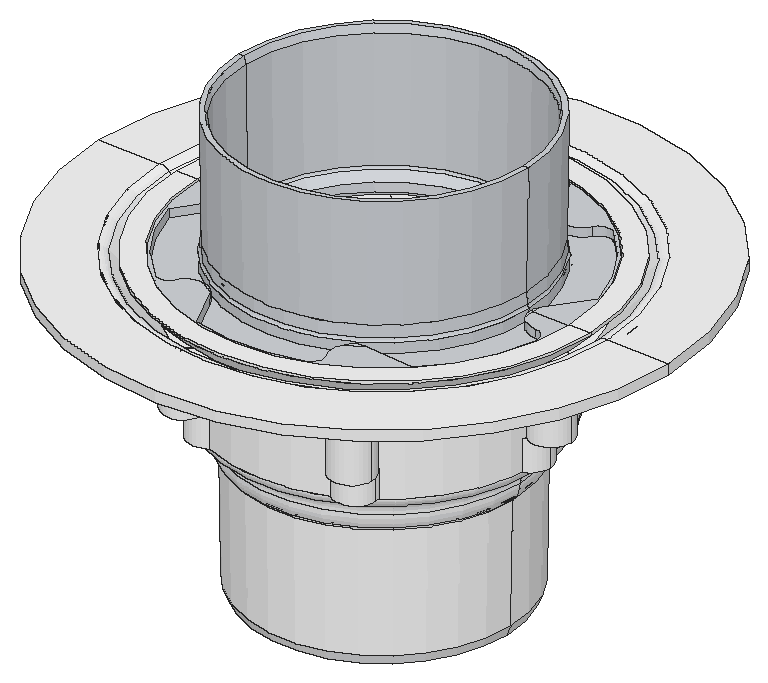
Revit family "3000.123 & 124 DPJ 100x100", category Plumbing Fixtures, Revit 2019
Family settings
  Round Connector Dimension = Use Diameter
  Part Type = Normal
  OmniClass Number = 23.45.00.00
  Work Plane-Based = No
  Always vertical = Yes
  Cut with Voids When Loaded = No
  Shared = No
  Room Calculation Point = No
Parameters (values of type "DPJ 100x100v")
  Waste Connection = yes
  Vent Connection = no
  V = not(NV)  # yes
  URL = "www.aquaknight.co.nz"
  Phone = "+6498322214"  # constant formula
  NV = no
  Model = "3000.123"
  Manufacturer = "Aquanight Industries Ltd"  # constant formula
  Inlet = 25.5 mm
  HW Connection = no
  Email = "info@aquaknight.co.nz"  # constant formula
  Description = "DownPipe Junction 100x100 vented"
  CW Connection = no
Types (2, lengths in mm): name | V | NV | Model | Inlet | Description
  DPJ 100x100v | yes | no | "3000.123" | 25.5 | "DownPipe Junction 100x100 vented"
  DPJ 100x100nv | no | yes | "3000.124" | 28 | "DownPipe Junction 100x100 not vented"
Reference planes
  plane 1 "Center (Front/Back)": y = 0
  plane 2: z = 0
  plane 3 "Center (Left/Right)": x = 0
  plane 4: z = -95
  plane 5: z = 25.5
Forms (mm)
  Revolve 1, solid, material "Plastic, Glossy White"
    sketch origin (0, 0, -4) x (1, 0, 0) y (0, 0, 1)
      loop
        line (72.739, -12.5) -> (58.75, -12.5) -> (58.418, -50.494)
        arc (58.418, -50.494) -> (53.232, -54.057) -> (51.2, -60.012) r 10
        arc (51.2, -60.012) -> (50.504, -63.207) -> (48.588, -65.857) r 8
        line (48.588, -65.857) -> (47.921, -116.857) -> (49.9, -116.857) -> (51.4, -113.357) -> (52, -67.477)
        arc (52, -67.477) -> (52.488, -66.33) -> (53.642, -65.857) r 1.642
        arc (53.642, -65.857) -> (54.791, -63.051) -> (55.2, -60.047) r 12
        arc (55.2, -60.047) -> (56.482, -56.392) -> (59.73, -54.282) r 6
        arc (59.73, -54.282) -> (61.906, -52.862) -> (62.75, -50.404) r 4
        line (62.75, -50.404) -> (62.75, -19.5) -> (74.07, -19.5)
        arc (74.07, -19.5) -> (76.898, -18.328) -> (78.07, -15.5) r 4
        line (78.07, -15.5) -> (78.07, -13.633)
        arc (78.07, -13.633) -> (78.244, -12.717) -> (78.742, -11.928) r 2.5
        line (78.742, -11.928) -> (89.123, -0.795)
        arc (89.123, -0.795) -> (89.955, -0.207) -> (90.951, 0) r 2.5
        line (90.951, 0) -> (115, 0) -> (115, 4) -> (90.299, 4)
        arc (90.299, 4) -> (88.306, 3.585) -> (86.643, 2.41) r 5
        line (86.643, 2.41) -> (72.739, -12.5)
      loop
        line (59.25, -5.1) -> (75.5, -5.1) -> (83.653, 3.053) -> (83.653, 4) -> (75.25, 4) -> (75.25, -0.6) -> (59.25, -0.6) -> (59.25, -5.1)
      axis (0, 4) -> (0, -116.857)
    angle from 0 to 360
  Extrusion 2, solid, material "Plastic, Glossy White", detail levels fine
    sketch origin (0, 0, -4) x (1, 0, 0) y (0, 1, 0)
      loop
        circle (67.55, 0) r 8.2
      loop
        circle (33.775, 58.5) r 8.2
      loop
        circle (33.775, -58.5) r 8.2
      loop
        circle (-67.55, 0) r 8.2
      loop
        circle (-33.775, 58.5) r 8.2
      loop
        circle (-33.775, -58.5) r 8.2
    from -38.379 to -12.5
  Extrusion 3, void
    sketch origin (0, -279.02, 0) x (1, 0, 0) y (0, 1, 0)
      loop
        arc (16.67, 350.808) -> (-3.503, 352.634) -> (-23.411, 348.9) r 73.698
        arc (-23.411, 348.9) -> (-27.061, 346.032) -> (-26.778, 341.398) r 5
        arc (-26.778, 341.398) -> (-26.803, 333.081) -> (-34.202, 329.281) r 8
        line (-34.202, 329.281) -> (-52.626, 330.613)
        arc (-52.626, 330.613) -> (-65.445, 312.906) -> (-72.506, 292.218) r 73.698
        arc (-72.506, 292.218) -> (-71.081, 288.518) -> (-67.41, 287.018) r 5
        arc (-67.41, 287.018) -> (-60.22, 282.838) -> (-60.628, 274.531) r 8
        line (-60.628, 274.531) -> (-70.994, 259.241)
        arc (-70.994, 259.241) -> (-62.069, 239.286) -> (-47.683, 222.827) r 73.698
        arc (-47.683, 222.827) -> (-43.766, 222.211) -> (-40.632, 224.64) r 5
        arc (-40.632, 224.64) -> (-33.417, 228.777) -> (-26.426, 224.27) r 8
        line (-26.426, 224.27) -> (-18.367, 207.648)
        arc (-18.367, 207.648) -> (3.376, 205.4) -> (24.823, 209.629) r 73.698
        arc (24.823, 209.629) -> (27.315, 212.713) -> (26.778, 216.642) r 5
        arc (26.778, 216.642) -> (26.803, 224.959) -> (34.202, 228.759) r 8
        line (34.202, 228.759) -> (52.626, 227.427)
        arc (52.626, 227.427) -> (65.27, 244.797) -> (72.366, 265.076) r 73.698
        arc (72.366, 265.076) -> (71.287, 269.236) -> (67.377, 271.021) r 5
        arc (67.377, 271.021) -> (60.212, 275.216) -> (60.628, 283.509) r 8
        line (60.628, 283.509) -> (70.994, 298.8)
        arc (70.994, 298.8) -> (62.273, 318.434) -> (48.259, 334.719) r 73.698
        arc (48.259, 334.719) -> (44.117, 335.864) -> (40.616, 333.371) r 5
        arc (40.616, 333.371) -> (33.4, 329.263) -> (26.426, 333.77) r 8
        line (26.426, 333.77) -> (19.37, 348.324)
        arc (19.37, 348.324) -> (18.256, 349.822) -> (16.67, 350.808) r 5
      loop
        circle (0, 279.02) r 58.555
    from -4 to 20.59
  Revolve 4, solid, visible <- "V"
    sketch origin (0, 0, 0) x (1, 0, 0) y (0, 0, 1)
      loop
        line (55.734, 47.895) -> (55.115, 0.577)
        arc (55.115, 0.577) -> (54.981, -0.061) -> (54.618, -0.601) r 1.698
        line (54.618, -0.601) -> (51.583, -3.636) -> (51.284, -7.06) -> (51.37, -8.048) -> (52.796, -8.048) -> (55.568, -4.6) -> (74.75, -4.6) -> (74.75, -0.629) -> (60.008, -0.629)
        arc (60.008, -0.629) -> (58.597, -0.059) -> (57.978, 1.332) r 2.031
        line (57.978, 1.332) -> (57.784, 5.895) -> (58.374, 50.895) -> (56.58, 50.895) -> (55.734, 47.895)
      axis (0, 50.895) -> (0, -8.048)
    angle from 0 to 360
  Revolve 5, solid, material "Stainless Steel", visible <- "NV"
    sketch origin (0, 0, 0) x (1, 0, 0) y (0, 0, 1)
      loop
        line (-58.555, 55.547) -> (-57.963, 10.395) -> (-58.157, 5.83)
        arc (-58.157, 5.83) -> (-58.767, 4.461) -> (-60.156, 3.9) r 2
        line (-60.156, 3.9) -> (-83.625, 3.9) -> (-83.625, 0) -> (-55.6, 0) -> (-52.733, -3.54) -> (-51.762, -3.54) -> (-51.762, 1.112) -> (-55.288, 4.638) -> (-55.913, 52.395) -> (-56.802, 55.547) -> (-58.555, 55.547)
      axis (0, 55.547) -> (0, -3.54)
    angle from 0 to 360
  Extrusion 6, solid, material "Plastic, Glossy White"
    sketch origin (0, 0, 0) x (1, 0, 0) y (0, 1, 0)
      loop
        circle (-59.076, 0) r 8.2
      loop
        circle (59.076, 0) r 8.2
      loop
        circle (-29.538, 51.161) r 8.2
      loop
        circle (29.538, -51.161) r 8.2
      loop
        circle (29.538, 51.161) r 8.2
      loop
        circle (-29.538, -51.161) r 8.2
    from -54.494 to -42.379
Cuts and joins
  Extrusion 3 cuts Revolve 4
Lines and regions (mm)
  Masking region 1
    outline origin (0, 0, 0) x (1, 0, 0) y (0, 1, 0)
      loop
        circle (0, 0) r 115
  symbolic lines, style "PlumbingFixtures", detail levels fine
    curve 1: circle (53.5, 92.665, 0) r 4.5 normal (0, 0, 1)
    curve 2: circle (107, 0, 0) r 4.5 normal (0, 0, -1)
    curve 3: circle (53.5, -92.665, 0) r 4.5 normal (0, 0, -1)
    curve 4: circle (-53.5, 92.665, 0) r 4.5 normal (0, 0, -1)
    curve 5: circle (-107, 0, 0) r 4.5 normal (0, 0, 1)
    curve 6: circle (-53.5, -92.665, 0) r 4.5 normal (0, 0, 1)
  symbolic lines
    curve 7: circle (0, 0, 0) r 50 normal (0, 0, 1)
    curve 10: circle (0, 0, 0) r 83.625 normal (0, 0, 1)
  symbolic lines, visible <- "V"
    curve 8: circle (0, 0, 0) r 59.25 normal (0, 0, 1)
    curve 9: circle (0, 0, 0) r 73.698 normal (0, 0, 1)
Dimensions and locks
  locked: level to plane 4 at 95
  locked: connector elem to plane 1 "Center (Front/Back)" at 0
  locked: connector elem to plane 3 "Center (Left/Right)" at 0
  "Inlet": plane 5 to level
  locked: level to Revolve 5 at 55.547
  locked: cut or joined group of Extrusion 3, Revolve 4 to level at 50.895
  Revolve 5 to level = 3.9 mm
  locked: connector elem to plane 1 "Center (Front/Back)"
  aligned and locked: level to plane 2
  aligned and locked: Revolve 4 sketch curve to plane 3 "Center (Left/Right)"
  aligned and locked: Revolve 5 sketch curve to plane 3 "Center (Left/Right)"
Automatic sketch dimensions
  Revolve 1 sketch curve to Revolve 1 sketch curve = 0 mm  (x7)
  Revolve 1 sketch curve to plane 3 "Center (Left/Right)" = 0 mm
  Revolve 1 sketch curve to level = 0 mm  (x2)
  plane 3 "Center (Left/Right)" to Revolve 1 sketch curve = 43.2 mm
  plane 3 "Center (Left/Right)" to Revolve 1 sketch curve = 47.921 mm
  plane 4 to Revolve 1 sketch curve = 25.143 mm
  Revolve 1 sketch curve to Revolve 1 sketch curve = 5.387 mm
  Revolve 1 sketch curve to Revolve 1 sketch curve = 1.979 mm
  Revolve 1 sketch curve to plane 4 = 22.357 mm
  Revolve 1 sketch curve to Revolve 1 sketch curve = 1.5 mm  (x2)
  plane 4 to Revolve 1 sketch curve = 23.523 mm
  Revolve 1 sketch curve to Revolve 1 sketch curve = 3.412 mm
  Revolve 1 sketch curve to Revolve 1 sketch curve = 1.642 mm
  Revolve 1 sketch curve to Revolve 1 sketch curve = 4.777 mm
  Revolve 1 sketch curve to Revolve 1 sketch curve = 0.332 mm
  Revolve 1 sketch curve to level = 16.5 mm
  Revolve 1 sketch curve to level = 4.6 mm
  Revolve 1 sketch curve to Revolve 1 sketch curve = 0.5 mm
  Revolve 1 sketch curve to Revolve 1 sketch curve = 2.781 mm
  Revolve 1 sketch curve to Revolve 1 sketch curve = 4 mm  (x2)
  Revolve 1 sketch curve to Revolve 1 sketch curve = 9.989 mm
  Revolve 1 sketch curve to Revolve 1 sketch curve = 1.331 mm
  Revolve 1 sketch curve to Revolve 1 sketch curve = 2.511 mm
  Revolve 1 sketch curve to Revolve 1 sketch curve = 0.25 mm
  Revolve 1 sketch curve to level = 15.928 mm
  Revolve 1 sketch curve to Revolve 1 sketch curve = 0.672 mm
  Revolve 1 sketch curve to Revolve 1 sketch curve = 1.828 mm
  Revolve 1 sketch curve to level = 0.947 mm
  Revolve 1 sketch curve to Revolve 1 sketch curve = 8.403 mm
  Revolve 1 sketch curve to level = 1.59 mm
  Revolve 1 sketch curve to Revolve 1 sketch curve = 2.99 mm
  Revolve 1 sketch curve to level = 4.795 mm
  Revolve 1 sketch curve to Revolve 1 sketch curve = 2.481 mm
  Revolve 1 sketch curve to Revolve 1 sketch curve = 3.657 mm
  Revolve 1 sketch curve to Revolve 1 sketch curve = 0.652 mm
  Revolve 1 sketch curve to Revolve 1 sketch curve = 24.049 mm
  Revolve 1 sketch curve to Revolve 1 sketch curve = 3.5 mm
  Revolve 1 sketch curve to Revolve 1 sketch curve = 0.021 mm
  Revolve 1 sketch curve to Revolve 1 sketch curve = 5.757 mm
  Revolve 1 sketch curve to Revolve 1 sketch curve = 5.914 mm
  Revolve 1 sketch curve to Revolve 1 sketch curve = 9.605 mm
  Revolve 1 sketch curve to Revolve 1 sketch curve = 0.09 mm
  Revolve 1 sketch curve to Revolve 1 sketch curve = 7 mm
  Revolve 1 sketch curve to Revolve 1 sketch curve = 4.5 mm
  Revolve 1 sketch curve to Revolve 1 sketch curve = 336.074 mm
  level to Revolve 1 sketch curve = 2441.244 mm
  Revolve 4 sketch curve to level = 7.06 mm
  plane 3 "Center (Left/Right)" to Revolve 4 sketch curve = 51.284 mm
  Revolve 4 sketch curve to Revolve 4 sketch curve = 0.086 mm
  Revolve 4 sketch curve to level = 3.636 mm
  Revolve 4 sketch curve to Revolve 4 sketch curve = 0.3 mm
  Revolve 4 sketch curve to level = 8.048 mm
  Revolve 4 sketch curve to Revolve 4 sketch curve = 1.426 mm
  level to Revolve 4 sketch curve = 0.599 mm
  Revolve 4 sketch curve to Revolve 4 sketch curve = 1.834 mm
  Revolve 4 sketch curve to level = 0.601 mm
  Revolve 4 sketch curve to Revolve 4 sketch curve = 1.2 mm
  level to Revolve 4 sketch curve = 0.577 mm
  Revolve 4 sketch curve to Revolve 4 sketch curve = 3.985 mm
  plane 3 "Center (Left/Right)" to Revolve 4 sketch curve = 55.734 mm
  Revolve 4 sketch curve to Revolve 4 sketch curve = 0.846 mm
  level to Revolve 4 sketch curve = 1.332 mm
  Revolve 4 sketch curve to Revolve 4 sketch curve = 2.864 mm
  Revolve 4 sketch curve to Revolve 4 sketch curve = 1.793 mm
  Revolve 4 sketch curve to Revolve 4 sketch curve = 2.03 mm
  Revolve 4 sketch curve to level = 0.629 mm
  Revolve 4 sketch curve to Revolve 4 sketch curve = 14.742 mm
  Revolve 4 sketch curve to Revolve 4 sketch curve = 0.964 mm
  Revolve 4 sketch curve to Revolve 4 sketch curve = 46.564 mm
  Revolve 4 sketch curve to Revolve 4 sketch curve = 3 mm
  level to Revolve 4 sketch curve = 5.895 mm
  Revolve 4 sketch curve to Revolve 4 sketch curve = 0.194 mm
  level to Revolve 4 sketch curve = 5.9 mm
  Revolve 4 sketch curve to plane 4 = 357.931 mm
  Revolve 4 sketch curve to Revolve 4 sketch curve = 2394.348 mm
  Extrusion 3 sketch curve to Extrusion 3 sketch curve = 0 mm  (x17)
  Extrusion 3 sketch curve to plane 3 "Center (Left/Right)" = 70.994 mm
  Extrusion 3 sketch curve to plane 3 "Center (Left/Right)" = 67.51 mm
  Extrusion 3 sketch curve to plane 3 "Center (Left/Right)" = 67.25 mm
  Extrusion 3 sketch curve to plane 3 "Center (Left/Right)" = 60.628 mm
  Extrusion 3 sketch curve to plane 3 "Center (Left/Right)" = 52.626 mm
  Extrusion 3 sketch curve to plane 3 "Center (Left/Right)" = 45.011 mm
  Extrusion 3 sketch curve to Extrusion 3 sketch curve = 18.425 mm  (x2)
  Extrusion 3 sketch curve to Extrusion 3 sketch curve = 11.386 mm
  Extrusion 3 sketch curve to Extrusion 3 sketch curve = 0.577 mm  (x2)
  Extrusion 3 sketch curve to Extrusion 3 sketch curve = 7.199 mm  (x2)
  Extrusion 3 sketch curve to Extrusion 3 sketch curve = 11.126 mm  (x2)
  Extrusion 3 sketch curve to Extrusion 3 sketch curve = 8.059 mm
  Extrusion 3 sketch curve to Extrusion 3 sketch curve = 37.37 mm
  Extrusion 3 sketch curve to Extrusion 3 sketch curve = 4.499 mm
  Extrusion 3 sketch curve to Extrusion 3 sketch curve = 7.056 mm
  Extrusion 3 sketch curve to Extrusion 3 sketch curve = 11.36 mm
  Extrusion 3 sketch curve to Extrusion 3 sketch curve = 15.643 mm
  Extrusion 3 sketch curve to Extrusion 3 sketch curve = 6.622 mm
  Extrusion 3 sketch curve to Extrusion 3 sketch curve = 0.207 mm
  Extrusion 3 sketch curve to Extrusion 3 sketch curve = 10.366 mm
  plane 1 "Center (Front/Back)" to Extrusion 3 sketch curve = 71.372 mm
  Extrusion 3 sketch curve to Extrusion 3 sketch curve = 6.408 mm
  Extrusion 3 sketch curve to Extrusion 3 sketch curve = 6.724 mm  (x2)
  Extrusion 3 sketch curve to Extrusion 3 sketch curve = 13.132 mm
  Extrusion 3 sketch curve to Extrusion 3 sketch curve = 3.49 mm  (x2)
  Extrusion 3 sketch curve to Extrusion 3 sketch curve = 6.273 mm
  Extrusion 3 sketch curve to Extrusion 3 sketch curve = 6.648 mm
  Extrusion 3 sketch curve to Extrusion 3 sketch curve = 7.979 mm  (x2)
  Extrusion 3 sketch curve to Extrusion 3 sketch curve = 32.187 mm
  Extrusion 3 sketch curve to Extrusion 3 sketch curve = 15.29 mm  (x2)
  Extrusion 3 sketch curve to Extrusion 3 sketch curve = 4.489 mm  (x3)
  Extrusion 3 sketch curve to Extrusion 3 sketch curve = 12.998 mm
  Extrusion 3 sketch curve to Extrusion 3 sketch curve = 12.997 mm
  Extrusion 3 sketch curve to Extrusion 3 sketch curve = 37.264 mm
  Extrusion 3 sketch curve to Extrusion 3 sketch curve = 1.332 mm
  Extrusion 3 sketch curve to Extrusion 3 sketch curve = 32.141 mm
  Extrusion 3 sketch curve to Extrusion 3 sketch curve = 2.83 mm
  Extrusion 3 sketch curve to Extrusion 3 sketch curve = 12.372 mm
  Extrusion 3 sketch curve to Extrusion 3 sketch curve = 2.181 mm
  Extrusion 3 sketch curve to plane 3 "Center (Left/Right)" = 72.506 mm
  Extrusion 3 sketch curve to Extrusion 3 sketch curve = 2.672 mm
  Extrusion 3 sketch curve to Extrusion 3 sketch curve = 0.912 mm
  Extrusion 3 sketch curve to Extrusion 3 sketch curve = 2.324 mm
  Extrusion 3 sketch curve to Extrusion 3 sketch curve = 2.7 mm
  Revolve 5 sketch curve to level = 0 mm
  level to Revolve 5 sketch curve = 1.112 mm
  Revolve 5 sketch curve to plane 3 "Center (Left/Right)" = 51.762 mm
  level to Revolve 5 sketch curve = 4.638 mm
  Revolve 5 sketch curve to Revolve 5 sketch curve = 3.526 mm
  Revolve 5 sketch curve to Revolve 5 sketch curve = 3.837 mm
  Revolve 5 sketch curve to Revolve 5 sketch curve = 0.625 mm
  Revolve 5 sketch curve to Revolve 5 sketch curve = 0.889 mm
  level to Revolve 5 sketch curve = 5.83 mm
  Revolve 5 sketch curve to Revolve 5 sketch curve = 2.869 mm
  Revolve 5 sketch curve to Revolve 5 sketch curve = 1.753 mm
  Revolve 5 sketch curve to Revolve 5 sketch curve = 1.999 mm
  level to Revolve 5 sketch curve = 3.9 mm
  Revolve 5 sketch curve to Revolve 5 sketch curve = 23.469 mm
  Revolve 5 sketch curve to Revolve 5 sketch curve = 46.565 mm
  Revolve 5 sketch curve to Revolve 5 sketch curve = 3.152 mm
  level to Revolve 5 sketch curve = 10.395 mm
  Revolve 5 sketch curve to Revolve 5 sketch curve = 0.194 mm
  level to Revolve 5 sketch curve = 10.4 mm
  Revolve 5 sketch curve to Revolve 5 sketch curve = 0.034 mm
  Revolve 5 sketch curve to plane 4 = 357.931 mm
  Revolve 5 sketch curve to Revolve 5 sketch curve = 2389.696 mm
  Revolve 5 sketch curve to Revolve 5 sketch curve = 0.971 mm
  Revolve 5 sketch curve to level = 3.54 mm
  plane 1 "Center (Front/Back)" to Extrusion 2 sketch curve = 0 mm  (x2)
  plane 3 "Center (Left/Right)" to Extrusion 2 sketch curve = 33.775 mm  (x2)
  Extrusion 2 sketch curve to Extrusion 2 sketch curve = 33.775 mm  (x2)
  plane 1 "Center (Front/Back)" to Extrusion 2 sketch curve = 58.5 mm  (x2)
  Extrusion 2 sketch curve to plane 1 "Center (Front/Back)" = 58.5 mm  (x2)
  plane 1 "Center (Front/Back)" to Extrusion 6 sketch curve = 0 mm  (x2)
  Extrusion 6 sketch curve to plane 3 "Center (Left/Right)" = 29.538 mm  (x2)
  plane 3 "Center (Left/Right)" to Extrusion 6 sketch curve = 29.538 mm  (x2)
  Extrusion 6 sketch curve to Extrusion 6 sketch curve = 29.538 mm  (x2)
  plane 1 "Center (Front/Back)" to Extrusion 6 sketch curve = 51.161 mm  (x2)
  Extrusion 6 sketch curve to plane 1 "Center (Front/Back)" = 51.161 mm  (x2)
  Extrusion 2 sketch curve to plane 3 "Center (Left/Right)" = 33.775 mm  (x2)
  curve 7 to curve 8 = 0 mm  (x2)
  curve 7 to curve 9 = 0 mm  (x2)
  curve 7 to curve 10 = 0 mm  (x2)
  curve 8 to curve 9 = 0 mm  (x2)
  curve 8 to curve 10 = 0 mm  (x2)
  curve 9 to curve 10 = 0 mm  (x2)
  plane 1 "Center (Front/Back)" to curve 2 = 0 mm
  plane 1 "Center (Front/Back)" to curve 9 = 0 mm
  plane 1 "Center (Front/Back)" to curve 5 = 0 mm
  curve 9 to plane 3 "Center (Left/Right)" = 0 mm
  plane 1 "Center (Front/Back)" to curve 6 = 92.665 mm
  plane 1 "Center (Front/Back)" to curve 3 = 92.665 mm
  curve 1 to plane 1 "Center (Front/Back)" = 92.665 mm
  curve 4 to plane 1 "Center (Front/Back)" = 92.665 mm
  plane 3 "Center (Left/Right)" to curve 1 = 53.5 mm
  plane 3 "Center (Left/Right)" to curve 3 = 53.5 mm
  curve 2 to curve 1 = 53.5 mm
  curve 4 to plane 3 "Center (Left/Right)" = 53.5 mm
  curve 6 to plane 3 "Center (Left/Right)" = 53.5 mm
  curve 4 to curve 5 = 53.5 mm
  plane 1 "Center (Front/Back)" to Masking region 1 sketch curve = 0 mm
  Masking region 1 sketch curve to plane 3 "Center (Left/Right)" = 0 mm
  radius of Extrusion 3 sketch curve = 58.555 mm
  radius of Extrusion 2 sketch curve = 8.2 mm  (x6)
  radius of Extrusion 6 sketch curve = 8.2 mm  (x6)
  radius of curve 1 = 4.5 mm
  radius of curve 2 = 4.5 mm
  radius of curve 3 = 4.5 mm
  radius of curve 4 = 4.5 mm
  radius of curve 5 = 4.5 mm
  radius of curve 6 = 4.5 mm
  radius of curve 7 = 50 mm
  radius of curve 8 = 59.25 mm
  radius of curve 9 = 73.698 mm
  radius of curve 10 = 83.625 mm
  radius of Masking region 1 sketch curve = 115 mm
Connectors
  piping at (0, 0, -95), diameter 100
    settings: on plane 4, index 1, connector inside diameter 609.6 mm, connector length 0 mm, flow factor 0, pipe flow 0.0 L/s, pressure drop 0.0 Pa, fitting loss kfactor 0, connector angle 0.00°, fixture units 0, engagement length 0 mm, angle of deflection 0.00°, flow configuration 0, flow direction 0, fitting loss method 0, system type 28, joint type 0, gender type 0, connector reference index 2, connector utility 0, adjustable connector no, is connector primary no, connector description ""
  piping at (0, 0, 25.5), diameter 100
    settings: on plane 5, index 2, connector inside diameter 609.6 mm, connector length 0 mm, flow factor 0, pipe flow 0.0 L/s, pressure drop 0.0 Pa, fitting loss kfactor 0, connector angle 0.00°, fixture units 0, engagement length 0 mm, angle of deflection 0.00°, flow configuration 0, flow direction 0, fitting loss method 0, system type 28, joint type 0, gender type 0, connector reference index 1, connector utility 0, adjustable connector no, is connector primary yes, connector description ""
